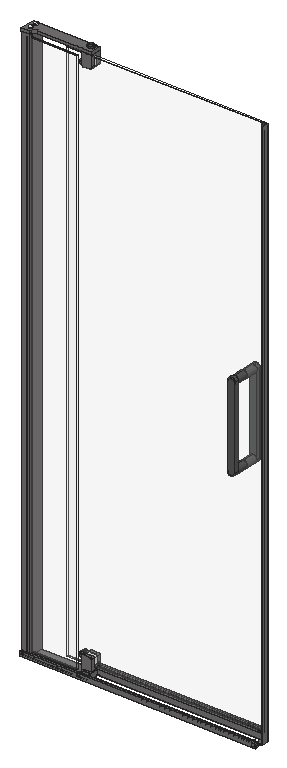
Revit family "Shower-Shower_Door-KOHLER-Revel-K-707506_1", category Specialty Equipment, host Face, Revit 2022
Family settings
  Host = Face
  Round Connector Dimension = Use Diameter
  Part Type = Normal
  OmniClass Number = 23.31.17.17
  OmniClass Title = Shower Enclosures
  Cut with Voids When Loaded = No
  Maintain Annotation Orientation = No
  Shared = No
  Room Calculation Point = No
Parameters (values of type "Clear Glass, ABZ-Anodized Dark Bronze")
  Width [instance] = 7 13/64" + Walk Thru + 1 147/256"  # 31 9/64"
  WaterSense Certified = 1 = 0  # no
  Walk Thru [instance] = 22 93/256"
  URL = "https://www.us.kohler.com/us/"
  Type = 1
  Secondary Finish = Kohler-Glass-L-Crystal_Clear
  Product Page URL = "http://www.us.kohler.com/us/catalog/productDetails.jsp?productId=707506-L"
  Product Name = "Revel"  # constant formula
  Product Documentation Link = "https://www.us.kohler.com/webassets/kpna/catalog/pdf/en/K-707506-L_spec_US-CA_Kohler_en.pdf"
  Model = if(Type = 1, "K-707506-L-ABZ", if(Type = 2, "K-707506-L-BNK", if(Type = 3, "K-707506-L-SHP", if(Type = 4, "K-707506-D3-ABZ", if(Type = 5, "K-707506-D3-BNK", if(Type = 6, "K-707506-D3-SHP", "NA"))))))  # "K-707506-L-ABZ"
  Material = "Premium Metal Construction"  # constant formula
  Master Format 2014 Name = "Shower Doors"  # constant formula
  Master Format 2014 = "10 28 19.16"  # constant formula
  Manufacturer Address = "444 Highland Dr, Kohler, WI 53044"  # constant formula
  Manufacturer = "Kohler Co."  # constant formula
  Length = 4 7/64"  # constant formula
  Height = 74 1/64"  # constant formula
  Handle Finish = Kohler-Metal-BL-Matte_Black
  Finish = Kohler-Metal-ABZ-Anodized_Dark_Bronze
  Environmental Product Declaration = ""
  Description = if(or(Type < 4), "Pivot shower door, 74inch H x 27-5/16 - 31-1/8inch W, with 5/16inch thick Crystal Clear glass", "Pivot shower door, 74inch H x 27-5/16 - 31-1/8inch W, with 5/16inch thick Frosted glass")  # "Pivot shower door, 74inch H x 27-5/16 - 31-1/8inch W, with 5/16inch thick Crystal Clear glass"
  Default Elevation = 4"
  Declare Label = ""
  Date Modified = "06/17/2022"  # constant formula
  Date Created = "06/17/2022"  # constant formula
  Copyright = "Copyright Kohler Co."  # constant formula
  Contact Us = "https://www.us.kohler.com/us/static/contact.jsp"
  Assembly Code = "C1030200"
  ADA Compliant = 1 = 0  # no
Reference planes (in)
  plane 1 "Center (Front/Back)": y = 0
  plane 2: z = 0
  plane 3 "Center (Left/Right)": x = 0
  plane 4: y = 2.10994
  plane 5: y = 0.71149
  plane 6: y = -1.5326
  plane 7: x = -8.29527
  plane 8: y = 0.32149
  plane 9: y = -1.99943
  plane 10: y = -0.55188
  plane 11: x = -14.85938
  plane 12: z = 74.01562
  plane 13: z = 74.38003
  plane 14: z = 73.13245
  plane 15: z = 72.11612
  plane 16: z = 42.95276
  plane 17: z = 42.46063
  plane 18: z = 31.83071
  plane 19: z = 31.33858
  plane 20: z = 2.1635
  plane 21: z = 0.62992
  plane 22: x = -15.49781
  plane 23: x = -6.72047
  plane 24: x = 15.64281
  plane 25: x = 15.26249
  plane 26: x = 15.14427
  plane 27: x = 12.68952
Dimensions and locks (in)
  plane 7 to plane 3 "Center (Left/Right)" = 8.29527"
  "Height": plane 12 to level
  "Length": plane 4 to plane 9
  locked: plane 23 to plane 3 "Center (Left/Right)" at 6.72047
  "Walk Thru": plane 23 to plane 24
  locked: plane 26 to plane 24 at 0.49854
  locked: plane 24 to plane 25 at 0.38032
  locked: plane 27 to plane 24 at 2.95329
  "Width": plane 24 to plane 22
  plane 19 to level = 31.33858"
  locked: plane 16 to plane 19 at 11.61417
  plane 7 to plane 22 = 7.20254"
  locked: plane 13 to plane 12 at 0.36441
  locked: plane 13 to plane 14 at 1.24759
  locked: plane 14 to plane 15 at 1.01632
  locked: plane 18 to plane 19 at 0.49213
  locked: plane 16 to plane 17 at 0.49213
  aligned and locked: plane 2 to host face
  aligned and locked: level to host face
  aligned and locked: plane 3 "Center (Left/Right)" to nested 1
Automatic sketch dimensions
  host sketch curve to host sketch curve = 96"  (x2)
Nested families (in)
  nested 1: "K-707506" at (0, 0, 0), type "K-707506"
Definition of nested family "K-707506"
  Parameters (values of type "K-707506")
    Width = Walk Thru + Distance + 1.5748"  # 31.14173"
    Walk Thru = 22.3622"
    Material = none
    Height = 74.01575"
    Handle Material = none
    Handle Height = 31.33858"
    Glass Material = none
    Distance = 7.20472"
    Default Elevation = 0"
  Reference planes (in)
    plane 1 "Center (Front/Back)": y = 0
    plane 2: z = 0
    plane 3 "Center (Left/Right)": x = 0
    plane 4: x = -15.5
    plane 5: x = -8.29527
    plane 6 "K": x = 12.68844
    plane 7: z = 74.01575
    plane 8: z = 73.66142
    plane 9 "D": z = 72.11625
    plane 10: z = 31.33858
    plane 11: z = 42.95276
    plane 12: y = 2.10994
    plane 13: y = -1.99772
    plane 14: y = 0.71149
    plane 15: y = -1.5326
    plane 16: z = 0.62992
    plane 17: z = 73.13257
    plane 18: x = -14.85938
    plane 19 "A": y = -0.55188
    plane 20 "B": y = 0.32149
    plane 21 "C": z = 2.1635
    plane 22: z = 72.93572
    plane 23: z = 72.68188
    plane 24: z = 42.46063
    plane 25: z = 31.83071
    plane 26: z = 74.38016
    plane 27: x = -6.72047
    plane 28: x = 15.64173
    plane 29: x = 15
    plane 30: x = 15.5
    plane 31: x = 15.14319
  Forms (in)
    Extrusion 1, solid, material <- "Material", detail levels medium+fine
      sketch origin (0, 0, 0) x (0, 1, 0) y (0, 0, 1)
        loop
          line (-0.27623, 0) -> (0.59855, 0)
          arc (0.59855, 0) -> (0.62415, 0.0106) -> (0.63475, 0.0362) r 0.0362
          line (0.63475, 0.0362) -> (0.63475, 0.21702)
          arc (0.63475, 0.21702) -> (0.62509, 0.24034) -> (0.60177, 0.25) r 0.03298
          line (0.60177, 0.25) -> (-1.2883, 0.25)
          arc (-1.2883, 0.25) -> (-1.3314, 0.26785) -> (-1.34925, 0.31095) r 0.06095
          line (-1.34925, 0.31095) -> (-1.34925, 0.48)
          arc (-1.34925, 0.48) -> (-1.40675, 0.5375) -> (-1.46425, 0.48) r 0.0575
          line (-1.46425, 0.48) -> (-1.46425, 0.26417)
          arc (-1.46425, 0.26417) -> (-1.42954, 0.17607) -> (-1.34408, 0.1353) r 0.12919
          line (-1.34408, 0.1353) -> (-0.30312, 0.06251) -> (-0.30312, 0.0269)
          arc (-0.30312, 0.0269) -> (-0.29525, 0.00788) -> (-0.27623, 0) r 0.0269
      from -15.5 to -8.02475
    Extrusion 2, solid, material <- "Material", detail levels medium+fine
      sketch origin (0, 0, 0) x (0, 1, 0) y (0, 0, 1)
        loop
          line (-1.46425, 0.06988) -> (-0.33625, -0.00012) -> (-0.33625, 0.06) -> (-1.46425, 0.13) -> (-1.46425, 0.565) -> (-1.33425, 0.565) -> (-1.33425, 0.368)
          arc (-1.33425, 0.368) -> (-1.30425, 0.338) -> (-1.27425, 0.368) r 0.03
          line (-1.27425, 0.368) -> (-1.27425, 0.60686)
          arc (-1.27425, 0.60686) -> (-1.281, 0.62317) -> (-1.29731, 0.62992) r 0.02306
          line (-1.29731, 0.62992) -> (-1.50695, 0.62992)
          arc (-1.50695, 0.62992) -> (-1.52509, 0.62241) -> (-1.5326, 0.60427) r 0.02565
          line (-1.5326, 0.60427) -> (-1.5326, 0) -> (-1.48411, 0)
          arc (-1.48411, 0) -> (-1.47007, 0.00582) -> (-1.46425, 0.01986) r 0.01986
          line (-1.46425, 0.01986) -> (-1.46425, 0.06988)
      from -15.5 to 15.5
    Extrusion 3, solid, material <- "Material"
      sketch origin (0, 0, 0) x (0, 1, 0) y (0, 0, 1)
        loop
          line (-1.23023, 0.67187) -> (-1.54853, 0.67187)
          arc (-1.54853, 0.67187) -> (-1.56451, 0.66526) -> (-1.57112, 0.64928) r 0.0226
          line (-1.57112, 0.64928) -> (-1.57112, 0.03588)
          arc (-1.57112, 0.03588) -> (-1.55186, 0.01661) -> (-1.5326, 0.03588) r 0.01926
          line (-1.5326, 0.03588) -> (-1.5326, 0.62992) -> (-1.25863, 0.62992) -> (-1.25862, 0.15799)
          arc (-1.25862, 0.15799) -> (-1.25033, 0.13693) -> (-1.22989, 0.12718) r 0.03089
          line (-1.22989, 0.12718) -> (-0.30312, 0.06237) -> (-0.30312, 0.02652)
          arc (-0.30312, 0.02652) -> (-0.29532, 0.00768) -> (-0.27648, -0.00013) r 0.02664
          line (-0.27648, -0.00013) -> (0.27012, -0.00013)
          arc (0.27012, -0.00013) -> (0.29328, 0.00947) -> (0.30288, 0.03263) r 0.03275
          line (0.30288, 0.03263) -> (0.30288, 0.20868)
          arc (0.30288, 0.20868) -> (0.29449, 0.22892) -> (0.27425, 0.23731) r 0.02863
          line (0.27425, 0.23731) -> (-1.17024, 0.23731)
          arc (-1.17024, 0.23731) -> (-1.19827, 0.24892) -> (-1.20987, 0.27694) r 0.03964
          line (-1.20987, 0.27694) -> (-1.20987, 0.65152)
          arc (-1.20987, 0.65152) -> (-1.21584, 0.66591) -> (-1.23023, 0.67187) r 0.02036
      from 15.5 to 15
    Extrusion 4, solid, material <- "Material", detail levels medium+fine
      sketch origin (0, 0, 0) x (1, 0, 0) y (0, 1, 0)
        loop
          line (-15.5, -1.27425) -> (-14.37854, -1.27425) -> (-14.37854, -1.0745) -> (-14.939, -1.0745)
          arc (-14.939, -1.0745) -> (-14.969, -0.95875) -> (-14.939, -0.843) r 0.2383
          line (-14.939, -0.843) -> (-14.37475, -0.843) -> (-14.37475, 0.64608) -> (-15.5, 0.64608) -> (-15.5, 0.5658) -> (-15.4398, 0.5658) -> (-15.4398, 0.2641) -> (-15.5, 0.2641) -> (-15.5, 0.19996) -> (-15.4398, 0.19996) -> (-15.4398, -0.42903) -> (-15.5, -0.42903) -> (-15.5, -0.49326) -> (-15.4398, -0.49326) -> (-15.4398, -1.21125) -> (-15.5, -1.21125) -> (-15.5, -1.27425)
      from 0.25 to 73.66142
    Extrusion 5, solid, material <- "Glass Material"
      sketch origin (0, 0, 0) x (1, 0, 0) y (0, 1, 0)
        loop
          arc (-14.939, -0.843) -> (-14.969, -0.95875) -> (-14.939, -1.0745) r 0.2383
          line (-14.939, -1.0745) -> (-8.32527, -1.0745)
          arc (-8.32527, -1.0745) -> (-8.29527, -0.95875) -> (-8.32527, -0.843) r 0.2383
          line (-8.32527, -0.843) -> (-14.939, -0.843)
      from 0.625 to 73.13257
    Extrusion 6, solid, material <- "Material"
      sketch origin (0, 0, 0) x (1, 0, 0) y (0, 1, 0)
        loop
          line (-15.5, -1.33251) -> (-14.40245, -1.33251)
          arc (-14.40245, -1.33251) -> (-14.33815, -1.30588) -> (-14.31152, -1.24158) r 0.09093
          line (-14.31152, -1.24158) -> (-14.31152, -1.16731)
          arc (-14.31152, -1.16731) -> (-14.16043, -0.80256) -> (-13.79568, -0.65147) r 0.51584
          line (-13.79568, -0.65147) -> (-6.73991, -0.65147) -> (-6.73991, 0.71149) -> (-15.5, 0.71149) -> (-15.5, -1.33251)
      from 73.66142 to 74.01575
    Revolve 7, solid, detail levels medium+fine
      sketch origin (0, -0.55188, 0) x (0, 0, 1) y (-1, 0, 0)
        loop
          line (74.01575, 14.85938) -> (74.19327, 14.85938)
          arc (74.19327, 14.85938) -> (74.1544, 15.00209) -> (74.04852, 15.10537) r 0.2814
          line (74.04852, 15.10537) -> (74.01575, 15.10537) -> (74.01575, 14.85938)
        axis (74.01575, 14.85938) -> (74.19327, 14.85938)
      angle from 0 to 360
    Revolve 8, solid, detail levels medium+fine
      sketch origin (0, 0.32149, 0) x (0, 0, -1) y (-1, 0, 0)
        loop
          line (-74.01575, 14.85938) -> (-74.01575, 15.10537) -> (-74.04852, 15.10537)
          arc (-74.04852, 15.10537) -> (-74.1544, 15.00209) -> (-74.19327, 14.85938) r 0.2814
          line (-74.19327, 14.85938) -> (-74.01575, 14.85938)
        axis (-74.19327, 14.85938) -> (-74.01575, 14.85938)
      angle from 0 to 360
    Extrusion 9, solid, material <- "Material"
      sketch origin (0, 0, 0) x (0, 1, 0) y (0, 0, 1)
        loop
          line (0.63475, 0) -> (0.63475, 0.625) -> (-0.72263, 0.625)
          arc (-0.72263, 0.625) -> (-0.75489, 0.61164) -> (-0.76825, 0.57938) r 0.04562
          line (-0.76825, 0.57938) -> (-0.76825, 0.31091)
          arc (-0.76825, 0.31091) -> (-0.78609, 0.26784) -> (-0.82916, 0.25) r 0.06091
          line (-0.82916, 0.25) -> (-1.10552, 0.25)
          arc (-1.10552, 0.25) -> (-1.13786, 0.26339) -> (-1.15125, 0.29573) r 0.04573
          line (-1.15125, 0.29573) -> (-1.15125, 0.59003)
          arc (-1.15125, 0.59003) -> (-1.16149, 0.61476) -> (-1.18622, 0.625) r 0.03497
          line (-1.18622, 0.625) -> (-1.24534, 0.625)
          arc (-1.24534, 0.625) -> (-1.2672, 0.61595) -> (-1.27625, 0.59409) r 0.03091
          line (-1.27625, 0.59409) -> (-1.27625, 0.312)
          arc (-1.27625, 0.312) -> (-1.31275, 0.2755) -> (-1.34925, 0.312) r 0.0365
          line (-1.34925, 0.312) -> (-1.34925, 0.48)
          arc (-1.34925, 0.48) -> (-1.40675, 0.5375) -> (-1.46425, 0.48) r 0.0575
          line (-1.46425, 0.48) -> (-1.46425, 0.26028)
          arc (-1.46425, 0.26028) -> (-1.43067, 0.17503) -> (-1.34797, 0.13559) r 0.125
          line (-1.34797, 0.13559) -> (-0.30275, 0.0625) -> (-0.30275, 0.03125)
          arc (-0.30275, 0.03125) -> (-0.2936, 0.00915) -> (-0.2715, 0) r 0.03125
          line (-0.2715, 0) -> (0.63475, 0)
      from -6.76525 to -8.02475
    Extrusion 10, solid, material <- "Material"
      sketch origin (0, 0, 0) x (1, 0, 0) y (0, 0, 1)
        loop
          arc (-6.80462, 0.7535) -> (-6.77678, 0.76503) -> (-6.76525, 0.79287) r 0.03937
          line (-6.76525, 0.79287) -> (-6.76525, 2.20243)
          arc (-6.76525, 2.20243) -> (-6.83527, 2.37148) -> (-7.00432, 2.4415) r 0.23907
          line (-7.00432, 2.4415) -> (-7.77509, 2.4415)
          arc (-7.77509, 2.4415) -> (-7.94491, 2.37116) -> (-8.01525, 2.20134) r 0.24016
          line (-8.01525, 2.20134) -> (-8.01525, 0.79202)
          arc (-8.01525, 0.79202) -> (-8.00397, 0.76478) -> (-7.97673, 0.7535) r 0.03852
          line (-7.97673, 0.7535) -> (-6.80462, 0.7535)
      from -0.699 to 0.6555
    Extrusion 11, void
      sketch origin (0, 0, 0) x (0, 1, 0) y (0, 0, 1)
        loop
          line (-0.223, 1.0975) -> (0.277, 1.0975) -> (0.277, 2.6723) -> (-0.223, 2.6723) -> (-0.223, 1.0975)
      from -8.374 to -5.62598
    Extrusion 12, solid
      sketch origin (0, 0, 0) x (1, 0, 0) y (0, 0, 1)
        loop
          line (-6.78494, 1.0975) -> (-6.78494, 2.20243)
          arc (-6.78494, 2.20243) -> (-6.84919, 2.35756) -> (-7.00432, 2.42181) r 0.21938
          line (-7.00432, 2.42181) -> (-7.77509, 2.42181)
          arc (-7.77509, 2.42181) -> (-7.93099, 2.35724) -> (-7.99556, 2.20134) r 0.22047
          line (-7.99556, 2.20134) -> (-7.99556, 1.0975) -> (-6.78494, 1.0975)
      from -0.277 to 0.223
    Revolve 13, solid, material <- "Material"
      sketch origin (0, 0, 2.1635) x (0, -1, 0) y (1, 0, 0)
        loop
          line (0.3524, -8.32761) -> (-0.39049, -8.32761) -> (-0.39049, -8.59986)
          arc (-0.39049, -8.59986) -> (-0.37874, -8.62823) -> (-0.35037, -8.63998) r 0.04012
          line (-0.35037, -8.63998) -> (-0.17426, -8.63998) -> (-0.17426, -8.59632) -> (-0.13508, -8.59632) -> (-0.13508, -8.48472) -> (0.097, -8.48472) -> (0.097, -8.59632) -> (0.13617, -8.59632) -> (0.13617, -8.63998) -> (0.31228, -8.63998)
          arc (0.31228, -8.63998) -> (0.34065, -8.62823) -> (0.3524, -8.59986) r 0.04012
          line (0.3524, -8.59986) -> (0.3524, -8.32761)
        axis (0.3524, -8.32761) -> (-0.39049, -8.32761)
      angle from 0 to 360
    Extrusion 14, solid
      sketch origin (0, 0, 0) x (1, 0, 0) y (0, 0, 1)
        loop
          circle (-7.07775, 1.5975) r 0.18898
        loop
          line (-7.07775, 1.72346) -> (-7.18683, 1.66048) -> (-7.18683, 1.53452) -> (-7.07775, 1.47154) -> (-6.96867, 1.53452) -> (-6.96867, 1.66048) -> (-7.07775, 1.72346)
        loop
          circle (-7.70273, 1.5975) r 0.18898
        loop
          line (-7.70273, 1.72346) -> (-7.81181, 1.66048) -> (-7.81181, 1.53452) -> (-7.70273, 1.47154) -> (-7.59364, 1.53452) -> (-7.59364, 1.66048) -> (-7.70273, 1.72346)
      from -0.64608 to -0.74844
    Revolve 15, solid, material <- "Material"
      sketch origin (0, 0, 72.11625) x (0, -1, 0) y (1, 0, 0)
        loop
          line (0.34548, -8.29527) -> (-0.39741, -8.29527) -> (-0.39741, -8.56752)
          arc (-0.39741, -8.56752) -> (-0.38566, -8.59589) -> (-0.35729, -8.60764) r 0.04012
          line (-0.35729, -8.60764) -> (-0.18118, -8.60764) -> (-0.18118, -8.56398) -> (-0.14201, -8.56398) -> (-0.14201, -8.45238) -> (0.09007, -8.45238) -> (0.09007, -8.56398) -> (0.12925, -8.56398) -> (0.12925, -8.60764) -> (0.30536, -8.60764)
          arc (0.30536, -8.60764) -> (0.33373, -8.59589) -> (0.34548, -8.56752) r 0.04012
          line (0.34548, -8.56752) -> (0.34548, -8.29527)
        axis (0.34548, -8.29527) -> (-0.39741, -8.29527)
      angle from 0 to 360
    Extrusion 16, solid, material <- "Material"
      sketch origin (0, 0, 0) x (0, 1, 0) y (0, 0, 1)
        loop
          arc (-0.097, 1.35312) -> (-0.11537, 1.37299) -> (-0.13662, 1.35624) r 0.01993
          line (-0.13662, 1.35624) -> (-0.1776, 1.0975) -> (0.20316, 1.0975) -> (0.20316, 1.33432)
          arc (0.20316, 1.33432) -> (0.2165, 1.35338) -> (0.23898, 1.34737) r 0.02029
          arc (0.23898, 1.34737) -> (0.2829, 1.29668) -> (0.32829, 1.24731) r 2.26458
          arc (0.32829, 1.24731) -> (0.34709, 1.18966) -> (0.31434, 1.13863) r 0.07073
          arc (0.31434, 1.13863) -> (0.33971, 1.11534) -> (0.37309, 1.12379) r 0.03623
          arc (0.37309, 1.12379) -> (0.42824, 1.15633) -> (0.49187, 1.16351) r 0.15339
          arc (0.49187, 1.16351) -> (0.52099, 1.19696) -> (0.4952, 1.23303) r 0.03577
          arc (0.4952, 1.23303) -> (0.28695, 1.37387) -> (0.20068, 1.61001) r 0.4083
          arc (0.20068, 1.61001) -> (0.17922, 1.64919) -> (0.135, 1.65554) r 0.04994
          line (0.135, 1.65554) -> (0.135, 1.1775)
          arc (0.135, 1.1775) -> (0.019, 1.1475) -> (-0.097, 1.1775) r 0.23927
          line (-0.097, 1.1775) -> (-0.097, 1.35312)
        loop
          line (0.25206, 1.15842) -> (0.26168, 0.02414)
          arc (0.26168, 0.02414) -> (0.28259, 0.00002) -> (0.30569, 0.02205) r 0.02205
          line (0.30569, 0.02205) -> (0.30569, 1.15843)
          arc (0.30569, 1.15843) -> (0.27885, 1.25716) -> (0.25206, 1.15842) r 0.05301
      from -6.76525 to 15.14319
    Extrusion 17, solid, material <- "Material"
      sketch origin (0, 0.32149, 0) x (0, 0, -1) y (-1, 0, 0)
        loop
          arc (-73.49422, 8.033) -> (-73.5177, 8.02327) -> (-73.52743, 7.99979) r 0.03321
          line (-73.52743, 7.99979) -> (-73.52743, 6.8125)
          arc (-73.52743, 6.8125) -> (-73.5177, 6.78902) -> (-73.49422, 6.77929) r 0.03321
          line (-73.49422, 6.77929) -> (-72.08933, 6.77929)
          arc (-72.08933, 6.77929) -> (-71.91084, 6.85322) -> (-71.83691, 7.03171) r 0.25241
          line (-71.83691, 7.03171) -> (-71.83691, 7.78058)
          arc (-71.83691, 7.78058) -> (-71.91084, 7.95907) -> (-72.08933, 8.033) r 0.25241
          line (-72.08933, 8.033) -> (-73.49422, 8.033)
      from -0.97296 to 0.37751
    Extrusion 18, void
      sketch origin (0, 0, 0) x (0, 1, 0) y (0, 0, 1)
        loop
          line (-0.22762, 71.71778) -> (0.23512, 71.71778) -> (0.23512, 73.22772) -> (-0.22762, 73.22772) -> (-0.22762, 71.71778)
      from -8.32527 to -6.37881
    Extrusion 19, solid
      sketch origin (0, 0, 0) x (1, 0, 0) y (0, 0, 1)
        loop
          line (-7.78058, 71.8566) -> (-7.03171, 71.8566)
          arc (-7.03171, 71.8566) -> (-6.86714, 71.92476) -> (-6.79898, 72.08933) r 0.23273
          line (-6.79898, 72.08933) -> (-6.79898, 73.22772) -> (-8.01331, 73.22772) -> (-8.01331, 72.08933)
          arc (-8.01331, 72.08933) -> (-7.94515, 71.92476) -> (-7.78058, 71.8566) r 0.23273
      from -0.23512 to 0.22762
    Extrusion 20, solid, material <- "Glass Material"
      sketch origin (0, 0, 0) x (1, 0, 0) y (0, 1, 0)
        loop
          arc (15.44233, -0.1605) -> (15.49717, -0.00425) -> (15.44233, 0.152) r 0.25
          line (15.44233, 0.152) -> (-10.36891, 0.152)
          arc (-10.36891, 0.152) -> (-10.42375, -0.00425) -> (-10.36891, -0.1605) r 0.25
          line (-10.36891, -0.1605) -> (15.44233, -0.1605)
      from 1.0975 to 73.13257
    Extrusion 21, solid
      sketch origin (0, 0, 0) x (1, 0, 0) y (0, 0, 1)
        loop
          circle (-7.09313, 72.6861) r 0.18898
        loop
          line (-7.09313, 72.81206) -> (-7.20221, 72.74908) -> (-7.20221, 72.62312) -> (-7.09313, 72.56014) -> (-6.98404, 72.62312) -> (-6.98404, 72.74908) -> (-7.09313, 72.81206)
        loop
          circle (-7.71992, 72.6861) r 0.18898
        loop
          line (-7.71992, 72.81206) -> (-7.829, 72.74908) -> (-7.829, 72.62312) -> (-7.71992, 72.56014) -> (-7.61083, 72.62312) -> (-7.61083, 72.74908) -> (-7.71992, 72.81206)
      from -0.277 to -0.74844
    Revolve 22, solid, material <- "Handle Material"
      sketch origin (12.68844, 0, 0) x (0, 0, 1) y (0, -1, 0)
        loop
          line (42.46063, -1.59591) -> (42.95276, -1.59591) -> (42.95276, -0.135) -> (42.70487, -0.135) -> (42.70487, 0.097) -> (42.95276, 0.097) -> (42.95276, 1.47495) -> (42.46063, 1.47495) -> (42.46063, -1.59591)
        axis (42.46063, 1.47495) -> (42.46063, -1.59591)
      angle from 0 to 360
    Revolve 23, solid, material <- "Handle Material"
      sketch origin (12.68844, 0, 0) x (0, 0, 1) y (0, -1, 0)
        loop
          line (31.83071, -1.59591) -> (31.83071, 1.47495) -> (31.33858, 1.47495) -> (31.33858, 0.097) -> (31.58646, 0.097) -> (31.58646, -0.135) -> (31.33858, -0.135) -> (31.33858, -1.59591) -> (31.83071, -1.59591)
        axis (31.83071, -1.59591) -> (31.83071, 1.47495)
      angle from 0 to 360
    Sweep 24, solid, material <- "Handle Material", detail levels medium+fine
      path origin (0, 0, 0) x (1, 0, 0) y (0, 0, 1)
        loop
          arc (13.18057, 42.46063) -> (12.68844, 42.95276) -> (12.19632, 42.46063) r 0.49213
          line (12.19632, 42.46063) -> (12.19632, 31.83071)
          arc (12.19632, 31.83071) -> (12.68844, 31.33858) -> (13.18057, 31.83071) r 0.49213
          line (13.18057, 31.83071) -> (13.18057, 42.46063)
      profile origin (12.68844, 0, 42.95276) x (0, 0, -1) y (0, -1, 0)
        loop
          line (0, 1.47495) -> (0.07036, 1.47495) -> (0.07036, 1.99772) -> (0.03819, 1.99772)
          arc (0.03819, 1.99772) -> (0.01119, 1.98653) -> (0, 1.95953) r 0.03819
          line (0, 1.95953) -> (0, 1.47495)
    Extrusion 25, solid, material <- "Handle Material", detail levels medium+fine
      sketch origin (0, 0, 0) x (1, 0, 0) y (0, 0, 1)
        loop
          arc (12.26667, 31.83071) -> (12.68844, 31.40894) -> (13.11021, 31.83071) r 0.42177
          line (13.11021, 31.83071) -> (13.11021, 42.46063)
          arc (13.11021, 42.46063) -> (12.68844, 42.8824) -> (12.26667, 42.46063) r 0.42177
          line (12.26667, 42.46063) -> (12.26667, 31.83071)
      from 1.47495 to 1.99772
    Sweep 26, solid, material <- "Handle Material", detail levels medium+fine
      path origin (0, 0, 0) x (1, 0, 0) y (0, 0, 1)
        loop
          line (13.18057, 31.83071) -> (13.18057, 42.46063)
          arc (13.18057, 42.46063) -> (12.68844, 42.95276) -> (12.19632, 42.46063) r 0.49213
          line (12.19632, 42.46063) -> (12.19632, 31.83071)
          arc (12.19632, 31.83071) -> (12.68844, 31.33858) -> (13.18057, 31.83071) r 0.49213
      profile origin (12.68844, 0, 31.33858) x (0, 0, -1) y (0, -1, 0)
        loop
          line (-0.08322, -1.59591) -> (-0.08322, -2.10994) -> (-0.03596, -2.10994)
          arc (-0.03596, -2.10994) -> (-0.01053, -2.09941) -> (0, -2.07398) r 0.03596
          line (0, -2.07398) -> (0, -1.59591) -> (-0.08322, -1.59591)
    Extrusion 27, solid, material <- "Handle Material", detail levels medium+fine
      sketch origin (0, 0, 0) x (1, 0, 0) y (0, 0, 1)
        loop
          line (12.27954, 42.46063) -> (12.27954, 31.83071)
          arc (12.27954, 31.83071) -> (12.68844, 31.4218) -> (13.09735, 31.83071) r 0.4089
          line (13.09735, 31.83071) -> (13.09735, 42.46063)
          arc (13.09735, 42.46063) -> (12.68844, 42.86953) -> (12.27954, 42.46063) r 0.4089
      from -2.10994 to -1.59591
    Extrusion 28, solid, material <- "Material"
      sketch origin (0, 0, 0) x (1, 0, 0) y (0, 1, 0)
        loop
          circle (-7.40614, 0) r 0.23622
      from 0.565 to 0.7535
    Extrusion 29, void
      sketch origin (0, 0, 0) x (1, 0, 0) y (0, 1, 0)
        loop
          arc (-6.80404, -0.07487) -> (-6.97385, 0.46372) -> (-7.51243, 0.63353) r 0.6115
          arc (-7.51243, 0.63353) -> (-7.63532, 0.45802) -> (-7.45982, 0.33513) r 0.1515
          arc (-7.45982, 0.33513) -> (-7.18811, 0.24946) -> (-7.10243, -0.02225) r 0.3085
          arc (-7.10243, -0.02225) -> (-6.97954, -0.19776) -> (-6.80404, -0.07487) r 0.1515
      from 74.01575 to 73.66142
    Extrusion 30, solid
      sketch origin (0, 0, 0) x (1, 0, 0) y (0, 1, 0)
        loop
          circle (-7.40625, 0.49132) r 0.07731
        loop
          circle (-7.40625, 0.49132) r 0.097
      from 74.01575 to 73.66142
    Extrusion 31, solid, material <- "Handle Material", detail levels coarse
      sketch origin (0, 0, 0) x (1, 0, 0) y (0, 0, 1)
        loop
          line (12.19632, 42.95276) -> (12.19632, 31.33858) -> (13.18057, 31.33858) -> (13.18057, 42.95276) -> (12.19632, 42.95276)
      from 1.47495 to 1.99772
    Extrusion 32, solid, material <- "Handle Material", detail levels coarse
      sketch origin (0, 0, 0) x (1, 0, 0) y (0, 0, 1)
        loop
          line (12.19632, 42.95276) -> (12.19632, 31.33858) -> (13.18057, 31.33858) -> (13.18057, 42.95276) -> (12.19632, 42.95276)
      from -2.10994 to -1.59591
    Extrusion 33, solid, material <- "Material", detail levels coarse
      sketch origin (0, 0, 0) x (1, 0, 0) y (0, 1, 0)
        loop
          line (-14.37475, -0.843) -> (-14.37475, 0.64608) -> (-15.5, 0.64608) -> (-15.5, -1.27425) -> (-14.37854, -1.27425) -> (-14.37854, -1.0745) -> (-14.939, -1.0745)
          arc (-14.939, -1.0745) -> (-14.969, -0.95875) -> (-14.939, -0.843) r 0.2383
          line (-14.939, -0.843) -> (-14.37475, -0.843)
      from 0 to 73.66142
    Extrusion 34, solid, material <- "Material", detail levels coarse
      sketch origin (12.68844, 0, 0) x (0, 0, 1) y (0, -1, 0)
        loop
          line (0.25, -0.63475) -> (0.25, 1.27425) -> (0.62992, 1.27425) -> (0.62992, 1.5326) -> (0, 1.5326) -> (0, -0.63475) -> (0.25, -0.63475)
      from -28.18844 to 2.95329
    Extrusion 35, solid, material <- "Material"
      sketch origin (0, 0, 0) x (1, 0, 0) y (0, 1, 0)
        loop
          arc (15.64173, 0.28917) -> (15.6328, 0.31074) -> (15.61124, 0.31967) r 0.0305
          line (15.61124, 0.31967) -> (15.10954, 0.31967)
          arc (15.10954, 0.31967) -> (15.09204, 0.30217) -> (15.10954, 0.28466) r 0.0175
          line (15.10954, 0.28466) -> (15.15641, 0.28466)
          arc (15.15641, 0.28466) -> (15.12616, 0.27075) -> (15.09855, 0.25214) r 0.20599
          arc (15.09855, 0.25214) -> (15.06511, 0.2073) -> (15.05794, 0.15183) r 0.11038
          line (15.05794, 0.15183) -> (15.30828, 0.15183)
          arc (15.30828, 0.15183) -> (15.28402, 0.23382) -> (15.21527, 0.28466) r 0.13461
          line (15.21527, 0.28466) -> (15.57595, 0.28466)
          arc (15.57595, 0.28466) -> (15.59842, 0.27536) -> (15.60772, 0.2529) r 0.03177
          line (15.60772, 0.2529) -> (15.60772, -0.48012) -> (15.53753, -0.48012) -> (15.32813, -0.1617)
          arc (15.32813, -0.1617) -> (15.30505, -0.16372) -> (15.29405, -0.18411) r 0.02441
          line (15.29405, -0.18411) -> (15.51307, -0.51714) -> (15.64173, -0.51714) -> (15.64173, 0.28917)
      from 0 to 72.93572
    Revolve 36, solid
      sketch origin (0, 0, 0) x (1, 0, 0) y (0, 0, 1)
        loop
          line (-7.40614, 73.52743) -> (-7.40614, 74.33455) -> (-7.62158, 74.33455) -> (-7.62158, 74.38016) -> (-7.68448, 74.38016)
          arc (-7.68448, 74.38016) -> (-7.7027, 74.37335) -> (-7.71198, 74.35625) r 0.02777
          line (-7.71198, 74.35625) -> (-7.73118, 74.21965) -> (-7.76575, 74.21965) -> (-7.76575, 74.15665) -> (-7.64133, 74.15665) -> (-7.64133, 73.59021) -> (-8.02821, 73.59021) -> (-8.02821, 73.52743) -> (-7.40614, 73.52743)
        axis (-7.40614, 73.52743) -> (-7.40614, 74.38016)
      angle from 0 to 360
  Cuts and joins
    Extrusion 11 cuts Extrusion 10
    Extrusion 18 cuts Extrusion 17
    joined: Sweep 26, Extrusion 27
    joined: Sweep 24, Extrusion 25
    Extrusion 29 cuts Extrusion 6
  Lines and regions (in)
    Masking region 1
      outline origin (0, 0, 0) x (1, 0, 0) y (0, 0, 1)
        loop
          line (-15.5, 0) -> (15.64173, 0) -> (15.64173, 72.93572) -> (15.5, 72.93572) -> (15.5, 73.13257) -> (-6.77929, 73.13257) -> (-6.77929, 73.49422)
          arc (-6.77929, 73.49422) -> (-6.78049, 73.511) -> (-6.78408, 73.52743) r 0.11765
          line (-6.78408, 73.52743) -> (-6.78408, 73.59021) -> (-7.17096, 73.59021) -> (-7.17096, 73.66142) -> (-6.72047, 73.66142) -> (-6.72047, 74.01575) -> (-7.17096, 74.01575) -> (-7.17096, 74.15665) -> (-7.04654, 74.15665) -> (-7.04654, 74.21965) -> (-7.08111, 74.21965) -> (-7.10073, 74.35923)
          arc (-7.10073, 74.35923) -> (-7.10885, 74.3742) -> (-7.1248, 74.38016) r 0.02431
          line (-7.1248, 74.38016) -> (-7.68749, 74.38016)
          arc (-7.68749, 74.38016) -> (-7.70344, 74.3742) -> (-7.71156, 74.35923) r 0.02431
          line (-7.71156, 74.35923) -> (-7.73118, 74.21965) -> (-7.76575, 74.21965) -> (-7.76575, 74.15665) -> (-7.64133, 74.15665) -> (-7.64133, 74.01575) -> (-14.61338, 74.01575) -> (-14.61337, 74.04852)
          arc (-14.61337, 74.04852) -> (-14.71669, 74.1543) -> (-14.85938, 74.19313) r 0.28153
          arc (-14.85938, 74.19313) -> (-15.00206, 74.1543) -> (-15.10537, 74.04852) r 0.28153
          line (-15.10537, 74.04852) -> (-15.10537, 74.01575) -> (-15.5, 74.01575) -> (-15.5, 0)
        loop
          line (-14.37854, 73.66142) -> (-14.37854, 73.13257) -> (-8.033, 73.13257) -> (-8.033, 73.49422)
          arc (-8.033, 73.49422) -> (-8.0318, 73.511) -> (-8.02821, 73.52743) r 0.11765
          line (-8.02821, 73.52743) -> (-8.02821, 73.59021) -> (-7.64133, 73.59021) -> (-7.64133, 73.66142) -> (-14.37854, 73.66142)
        loop
          line (-8.29527, 1.0975) -> (-8.29527, 0.62992) -> (-7.64237, 0.62992) -> (-7.64237, 0.7535) -> (-7.97673, 0.7535)
          arc (-7.97673, 0.7535) -> (-8.00397, 0.76478) -> (-8.01525, 0.79202) r 0.03852
          line (-8.01525, 0.79202) -> (-8.01525, 1.0975) -> (-8.29527, 1.0975)
        loop
          line (-7.16992, 0.7535) -> (-7.16992, 0.62992) -> (-6.76525, 0.62992) -> (-6.76525, 0.79287)
          arc (-6.76525, 0.79287) -> (-6.77678, 0.76503) -> (-6.80462, 0.7535) r 0.03937
          line (-6.80462, 0.7535) -> (-7.16992, 0.7535)
    Masking region 2
      outline origin (12.68844, 0, 0) x (0, 0, 1) y (0, -1, 0)
        loop
          line (0, -0.63475) -> (0.21702, -0.63475)
          arc (0.21702, -0.63475) -> (0.24034, -0.62509) -> (0.25, -0.60177) r 0.03298
          line (0.25, -0.60177) -> (0.25, -0.64608) -> (0.7535, -0.64608) -> (0.7535, -0.699) -> (1.40852, -0.699) -> (1.40852, -0.74844) -> (1.78648, -0.74844) -> (1.78648, -0.699) -> (2.4415, -0.699) -> (2.4415, -0.64608) -> (31.33858, -0.64608) -> (31.33858, -2.07057)
          arc (31.33858, -2.07057) -> (31.35011, -2.09841) -> (31.37795, -2.10994) r 0.03937
          line (31.37795, -2.10994) -> (42.91503, -2.10994)
          arc (42.91503, -2.10994) -> (42.94171, -2.09889) -> (42.95276, -2.07222) r 0.03773
          line (42.95276, -2.07222) -> (42.95276, -0.64608) -> (71.83691, -0.64608) -> (71.83691, -0.699) -> (72.49712, -0.699) -> (72.49712, -0.74844) -> (72.87507, -0.74844) -> (72.87507, -0.699) -> (73.52743, -0.699) -> (73.52743, -0.64608) -> (73.66142, -0.64608) -> (73.66142, -0.71149) -> (74.01575, -0.71149) -> (74.01575, -0.56685) -> (74.0484, -0.56685)
          arc (74.0484, -0.56685) -> (74.13848, -0.48776) -> (74.1873, -0.37828) r 0.28036
          line (74.1873, -0.37828) -> (74.21965, -0.3596) -> (74.21965, -0.32484) -> (74.35179, -0.30626)
          arc (74.35179, -0.30626) -> (74.37207, -0.29525) -> (74.38016, -0.27363) r 0.03296
          line (74.38016, -0.27363) -> (74.38016, 0.27363)
          arc (74.38016, 0.27363) -> (74.37207, 0.29525) -> (74.35179, 0.30626) r 0.03296
          line (74.35179, 0.30626) -> (74.21965, 0.32484) -> (74.21965, 0.3596) -> (74.15665, 0.3596) -> (74.15665, 0.23689) -> (74.01575, 0.23689) -> (74.01575, 0.30652) -> (74.0484, 0.30652)
          arc (74.0484, 0.30652) -> (74.15424, 0.40945) -> (74.19311, 0.55188) r 0.28036
          arc (74.19311, 0.55188) -> (74.15424, 0.69431) -> (74.0484, 0.79724) r 0.28036
          line (74.0484, 0.79724) -> (74.01575, 0.79724) -> (74.01575, 1.33251) -> (73.66142, 1.33251) -> (73.66142, 1.27425) -> (42.95276, 1.27425) -> (42.95276, 1.95835)
          arc (42.95276, 1.95835) -> (42.94122, 1.98619) -> (42.91339, 1.99772) r 0.03937
          line (42.91339, 1.99772) -> (31.38047, 1.99772)
          arc (31.38047, 1.99772) -> (31.35085, 1.98545) -> (31.33858, 1.95583) r 0.04189
          line (31.33858, 1.95583) -> (31.33858, 1.27425) -> (0.67187, 1.27425) -> (0.67187, 1.54853)
          arc (0.67187, 1.54853) -> (0.66526, 1.56451) -> (0.64928, 1.57112) r 0.0226
          line (0.64928, 1.57112) -> (0.03587, 1.57112)
          arc (0.03587, 1.57112) -> (0.01661, 1.55186) -> (0.03587, 1.5326) r 0.01926
          line (0.03587, 1.5326) -> (0, 1.5326) -> (0, 1.48411)
          arc (0, 1.48411) -> (0.00582, 1.47007) -> (0.01986, 1.46425) r 0.01986
          line (0.01986, 1.46425) -> (0.06988, 1.46425) -> (-0.00012, 0.33625) -> (0.06, 0.33625) -> (0.13, 1.46425) -> (0.26417, 1.46425)
          arc (0.26417, 1.46425) -> (0.17607, 1.42954) -> (0.1353, 1.34408) r 0.12919
          line (0.1353, 1.34408) -> (0.06251, 0.30313) -> (0.0269, 0.30313)
          arc (0.0269, 0.30313) -> (0.00788, 0.29525) -> (0, 0.27623) r 0.0269
          line (0, 0.27623) -> (0, -0.63475)
        loop
          arc (0.48, 1.46425) -> (0.5375, 1.40675) -> (0.48, 1.34925) r 0.0575
          line (0.48, 1.34925) -> (0.312, 1.34925)
          arc (0.312, 1.34925) -> (0.2755, 1.31275) -> (0.312, 1.27625) r 0.0365
          line (0.312, 1.27625) -> (0.35723, 1.27625)
          arc (0.35723, 1.27625) -> (0.3385, 1.30973) -> (0.368, 1.33425) r 0.03
          line (0.368, 1.33425) -> (0.565, 1.33425) -> (0.565, 1.46425) -> (0.48, 1.46425)
        loop
          line (32.32079, 1.47495) -> (32.32079, 1.27425) -> (41.9685, 1.27425) -> (41.9685, 1.47495) -> (32.32079, 1.47495)
        loop
          line (41.9685, -1.59591) -> (41.9685, -0.64608) -> (32.32283, -0.64608) -> (32.32283, -1.59591) -> (41.9685, -1.59591)
    Masking region 3
      outline origin (0, 0, 0) x (1, 0, 0) y (0, 1, 0)
        loop
          line (-15.5, -1.5326) -> (12.19632, -1.5326) -> (12.19632, -1.94529)
          arc (12.19632, -1.94529) -> (12.21167, -1.98236) -> (12.24874, -1.99772) r 0.05243
          line (12.24874, -1.99772) -> (12.68844, -1.99772) -> (13.12814, -1.99772)
          arc (13.12814, -1.99772) -> (13.16521, -1.98236) -> (13.18057, -1.94529) r 0.05243
          line (13.18057, -1.94529) -> (13.18057, -1.5326) -> (15, -1.5326) -> (15, -1.57112) -> (15.64173, -1.57112) -> (15.64173, -0.51714) -> (15.64173, 0.28917)
          arc (15.64173, 0.28917) -> (15.6328, 0.31074) -> (15.61124, 0.31967) r 0.0305
          line (15.61124, 0.31967) -> (15.14319, 0.31967) -> (15.14319, 0.52103) -> (13.18057, 0.52103) -> (13.18057, 2.07301)
          arc (13.18057, 2.07301) -> (13.16975, 2.09912) -> (13.14364, 2.10994) r 0.03693
          line (13.14364, 2.10994) -> (12.23325, 2.10994)
          arc (12.23325, 2.10994) -> (12.20713, 2.09912) -> (12.19632, 2.07301) r 0.03693
          line (12.19632, 2.07301) -> (12.19632, 0.52103) -> (-6.72047, 0.52103) -> (-6.72047, 0.71149) -> (-6.88877, 0.71149) -> (-6.88877, 0.74844) -> (-7.2807, 0.74844) -> (-7.2807, 0.71149) -> (-7.51519, 0.71149) -> (-7.51519, 0.74844) -> (-7.90889, 0.74844) -> (-7.90889, 0.71149) -> (-15.5, 0.71149) -> (-15.5, -1.5326)
        loop
          line (12.19632, -0.33625) -> (12.19632, -0.1776) -> (-6.72047, -0.1776) -> (-6.72047, -0.33625) -> (12.19632, -0.33625)
        loop
          line (13.18057, -0.33625) -> (15, -0.33625) -> (15, -0.1776) -> (13.18057, -0.1776) -> (13.18057, -0.33625)
    symbolic lines, detail levels medium+fine
      curve 1: line (-15.10538, 0, 74.01575) -> (-14.61338, 0, 74.01575)
      curve 2: line (-15.10538, 0, 74.04852) -> (-14.61338, 0, 74.04852)
      curve 3: line (-15.5, 0, 73.66142) -> (-14.37475, 0, 73.66142)
      curve 4: line (-14.37854, 0, 73.13257) -> (-14.37854, 0, 0.62992)
      curve 5: line (-8.29527, 0, 0.62992) -> (-15.5, 0, 0.62992)
      curve 6: line (-8.29527, 0, 73.13257) -> (-8.29527, 0, 1.0975)
      curve 7: line (-8.01525, 0, 1.0975) -> (-8.01525, 0, 2.20134)
      curve 8: arc (-7.77509, 0, 2.4415) -> (-7.94491, 0, 2.37116) -> (-8.01525, 0, 2.20134) r 0.24016
      curve 9: line (-7.00432, 0, 2.4415) -> (-7.77509, 0, 2.4415)
      curve 10: arc (-6.76525, 0, 2.20243) -> (-6.83527, 0, 2.37148) -> (-7.00432, 0, 2.4415) r 0.23907
      curve 11: line (-6.76525, 0, 2.20243) -> (-6.76525, 0, 0.79287)
      curve 12: line (-7.64237, 0, 0.7535) -> (-7.16511, 0, 0.7535)
      curve 13: line (-7.64237, 0, 0.62992) -> (-7.16992, 0, 0.62992)
      curve 14: arc (-8.29527, 0, 1.85282) -> (-8.01525, 0, 2.1635) -> (-8.29527, 0, 2.47418) r 0.31236
      curve 15: line (-6.76525, 0, 0.62992) -> (15, 0, 0.62992)
      curve 16: line (15, 0, -0.00013) -> (15, 0, 0.62992)
      curve 17: line (15, 0, 0.67187) -> (15.58689, 0, 0.67187)
      curve 18: line (15, 0, 0.67187) -> (15, 0, 0.49938)
      curve 19: line (-6.76525, 0, 1.0975) -> (15.29405, 0, 1.0975)
      curve 20: line (-7.64133, 0, 73.66142) -> (-7.17096, 0, 73.66142)
      curve 21: line (-7.64133, 0, 73.59021) -> (-7.17096, 0, 73.59021)
      curve 22: line (-8.02821, 0, 73.52743) -> (-6.78408, 0, 73.52743)
      curve 23: line (-7.64133, 0, 74.01575) -> (-7.17096, 0, 74.01575)
      curve 24: line (-7.64133, 0, 74.15665) -> (-7.17096, 0, 74.15665)
      curve 25: line (-7.73118, 0, 74.21965) -> (-7.08111, 0, 74.21965)
      curve 26: line (12.19632, 0, 42.46063) -> (12.19632, 0, 31.83071)
      curve 27: line (13.18057, 0, 31.83071) -> (13.18057, 0, 42.46063)
      curve 28: arc (13.18057, 0, 42.46063) -> (12.68844, 0, 42.95276) -> (12.19632, 0, 42.46063) r 0.49213
      curve 29: arc (13.18057, 0, 31.83071) -> (12.68844, 0, 31.33858) -> (12.19632, 0, 31.83071) r 0.49213
      curve 30: line (-7.78058, 0, 71.83691) -> (-7.03171, 0, 71.83691)
      curve 31: arc (-7.78058, 0, 71.83691) -> (-7.95907, 0, 71.91084) -> (-8.033, 0, 72.08933) r 0.25241
      curve 32: arc (-6.77929, 0, 72.08933) -> (-6.85322, 0, 71.91084) -> (-7.03171, 0, 71.83691) r 0.25241
      curve 33: line (-8.033, 0, 72.08933) -> (-8.033, 0, 73.13257)
      curve 34: line (-6.77929, 0, 72.08933) -> (-6.77929, 0, 73.13257)
      curve 35: arc (-8.033, 0, 72.2859) -> (-8.14598, 0, 72.39062) -> (-8.29527, 0, 72.42861) r 0.31236
      curve 36: arc (-8.29527, 0, 71.80388) -> (-8.12638, 0, 71.85348) -> (-8.01112, 0, 71.98653) r 0.31236
      curve 37: line (12.68844, 0.60177, 0.25) -> (12.68844, -1.27425, 0.25)
      curve 38: line (12.68844, -1.27425, 0.25) -> (12.68844, -1.27425, 0.67187)
      curve 39: arc (12.68844, -1.27425, 0.60686) -> (12.68844, -1.281, 0.62317) -> (12.68844, -1.29731, 0.62992) r 0.02306
      curve 40: line (12.68844, -1.27425, 0.62992) -> (12.68844, -1.5326, 0.62992)
      curve 41: arc (12.68844, -1.50695, 0.62992) -> (12.68844, -1.52509, 0.62241) -> (12.68844, -1.5326, 0.60427) r 0.02565
      curve 42: line (12.68844, -1.5326, 0.62992) -> (12.68844, -1.5326, 0)
      curve 43: line (12.68844, -1.46425, 0.26028) -> (12.68844, -1.46425, 0.48)
      curve 44: line (12.68844, -1.46425, 0.13) -> (12.68844, -1.46425, 0.06988)
      curve 45: line (12.68844, 0.64608, 0.7535) -> (12.68844, 0.64608, 2.4415)
      curve 46: line (12.68844, 0.699, 1.40852) -> (12.68844, 0.699, 1.78648)
      curve 47: line (12.68844, 0.5658, 73.66142) -> (12.68844, 0.5658, 0.25)
      curve 48: line (12.68844, 0.2641, 0.25) -> (12.68844, 0.2641, 73.66142)
      curve 49: line (12.68844, 0.19996, 73.66142) -> (12.68844, 0.19996, 0.25)
      curve 50: line (12.68844, -0.42903, 0.25) -> (12.68844, -0.42903, 73.66142)
      curve 51: line (12.68844, -0.49326, 73.66142) -> (12.68844, -0.49326, 0.25)
      curve 52: line (12.68844, -1.21125, 0.25) -> (12.68844, -1.21125, 73.66142)
      curve 53: line (12.68844, 0.64608, 31.33858) -> (12.68844, 0.64608, 32.32283)
      curve 54: line (12.68844, -1.27425, 31.33858) -> (12.68844, -1.27425, 32.32079)
      curve 55: line (12.68844, 1.59591, 32.32283) -> (12.68844, 1.59591, 31.33858)
      curve 56: line (12.68844, -1.47495, 32.32079) -> (12.68844, -1.47495, 31.33858)
      curve 57: line (12.68844, 0.64608, 41.9685) -> (12.68844, 0.64608, 42.95276)
      curve 58: line (12.68844, 1.59591, 41.9685) -> (12.68844, 1.59591, 42.95276)
      curve 59: line (12.68844, -1.27425, 41.9685) -> (12.68844, -1.27425, 42.95276)
      curve 60: line (12.68844, -1.47495, 41.9685) -> (12.68844, -1.47495, 42.95276)
      curve 61: line (12.68844, 0.64608, 71.83691) -> (12.68844, 0.64608, 73.52743)
      curve 62: line (12.68844, 0.699, 72.49712) -> (12.68844, 0.699, 72.87507)
      curve 63: line (12.68844, 0.64608, 73.66142) -> (12.68844, -1.27425, 73.66142)
      curve 64: line (12.68844, 0.56685, 74.01575) -> (12.68844, -0.23689, 74.01575)
      curve 65: line (12.68844, -0.30652, 74.01575) -> (12.68844, -0.79724, 74.01575)
      curve 66: line (12.68844, -0.30652, 74.0484) -> (12.68844, -0.79724, 74.0484)
      curve 67: line (12.68844, 0.07518, 74.01575) -> (12.68844, 0.07518, 74.0484)
      curve 68: line (12.68844, 0.07518, 74.0484) -> (12.68844, 0.56685, 74.0484)
      curve 69: arc (12.68844, 0.37828, 74.1873) -> (12.68844, 0.20368, 74.16815) -> (12.68844, 0.07518, 74.0484) r 0.2788
      curve 70: line (12.68844, -0.32484, 74.21965) -> (12.68844, 0.32504, 74.21965)
      curve 71: line (12.68844, -0.23519, 74.15665) -> (12.68844, 0.18131, 74.15665)
      curve 72: circle (-14.85938, 0.32149, 0) r 0.246 normal (0, 0, 1)
      curve 73: circle (-14.85938, -0.55188, 0) r 0.246 normal (0, 0, -1)
      curve 74: line (-7.90889, 0.71149, 0) -> (-7.51519, 0.71149, 0)
      curve 75: line (-7.2807, 0.71149, 0) -> (-6.88877, 0.71149, 0)
      curve 76: line (-6.72047, -0.22567, 0) -> (-6.72047, 0.52103, 0)
      curve 77: line (-6.72047, -0.33625, 0) -> (-6.72047, -0.65147, 0)
      curve 78: line (-6.72047, -0.65147, 0) -> (-13.79568, -0.65147, 0)
      curve 79: arc (-14.31152, -1.16731, 0) -> (-14.16043, -0.80256, 0) -> (-13.79568, -0.65147, 0) r 0.51584
      curve 80: line (-15.5, -1.33251, 0) -> (-14.40245, -1.33251, 0)
      curve 81: arc (-14.40245, -1.33251, 0) -> (-14.33815, -1.30588, 0) -> (-14.31152, -1.24158, 0) r 0.09093
      curve 82: line (-14.31152, -1.24158, 0) -> (-14.31152, -1.16731, 0)
      curve 83: line (-8.32527, -0.843, 0) -> (-14.19682, -0.843, 0)
      curve 84: line (-14.3031, -1.0745, 0) -> (-8.32527, -1.0745, 0)
      curve 85: arc (-8.32527, -1.0745, 0) -> (-8.29527, -0.95875, 0) -> (-8.32527, -0.843, 0) r 0.2383
      curve 86: line (-6.76525, -0.65147, 0) -> (-6.76525, -1.27425, 0)
      curve 87: line (-8.02475, -1.27425, 0) -> (-8.02475, -0.65147, 0)
      curve 88: line (-14.31759, -1.27425, 0) -> (12.19632, -1.27425, 0)
      curve 89: line (-8.02475, -0.76825, 0) -> (-6.76525, -0.76825, 0)
      curve 90: line (-8.02475, -1.15125, 0) -> (-6.76525, -1.15125, 0)
      curve 91: arc (-7.62158, 0, 0) -> (-7.40614, 0.21543, 0) -> (-7.19071, 0, 0) r 0.21543
      curve 92: arc (-7.19071, 0, 0) -> (-7.40614, -0.21543, 0) -> (-7.62158, 0, 0) r 0.21543
      curve 93: arc (-7.76575, 0, 0) -> (-7.40614, 0.3596, 0) -> (-7.04654, 0, 0) r 0.3596
      curve 94: arc (-7.04654, 0, 0) -> (-7.40614, -0.3596, 0) -> (-7.76575, 0, 0) r 0.3596
      curve 95: circle (-7.40614, 0, 0) r 0.32504 normal (0, 0, 1)
      curve 96: line (-7.43499, 0.1285, 0) -> (-7.43499, 0.02884, 0)
      curve 97: line (-7.43499, 0.1285, 0) -> (-7.3773, 0.1285, 0)
      curve 98: line (-7.43499, -0.1285, 0) -> (-7.3773, -0.1285, 0)
      curve 99: line (-7.3773, 0.1285, 0) -> (-7.3773, 0.02884, 0)
      curve 100: line (-7.27764, 0.02884, 0) -> (-7.3773, 0.02884, 0)
      curve 101: line (-7.27764, 0.02884, 0) -> (-7.27764, -0.02884, 0)
      curve 102: line (-7.53464, 0.02884, 0) -> (-7.53464, -0.02884, 0)
      curve 103: line (-7.27764, -0.02884, 0) -> (-7.3773, -0.02884, 0)
      curve 104: line (-7.43499, -0.02884, 0) -> (-7.43499, -0.1285, 0)
      curve 105: line (-7.43499, 0.02884, 0) -> (-7.53464, 0.02884, 0)
      curve 106: line (-7.3773, -0.02884, 0) -> (-7.3773, -0.1285, 0)
      curve 107: line (-7.43499, -0.02884, 0) -> (-7.53464, -0.02884, 0)
      curve 108: line (-14.8961, 0.45572, 0) -> (-14.8961, 0.35822, 0)
      curve 109: line (-14.8961, 0.45572, 0) -> (-14.82265, 0.45572, 0)
      curve 110: line (-14.82265, 0.45572, 0) -> (-14.82265, 0.35822, 0)
      curve 111: line (-14.8961, 0.18726, 0) -> (-14.82265, 0.18726, 0)
      curve 112: line (-14.72515, 0.35822, 0) -> (-14.82265, 0.35822, 0)
      curve 113: line (-14.72515, 0.35822, 0) -> (-14.72515, 0.28476, 0)
      curve 114: line (-14.72515, 0.28476, 0) -> (-14.82265, 0.28476, 0)
      curve 115: line (-14.9936, 0.35822, 0) -> (-14.9936, 0.28476, 0)
      curve 116: line (-14.8961, 0.35822, 0) -> (-14.9936, 0.35822, 0)
      curve 117: line (-14.8961, 0.28476, 0) -> (-14.8961, 0.18726, 0)
      curve 118: line (-14.82265, 0.28476, 0) -> (-14.82265, 0.18726, 0)
      curve 119: line (-14.8961, 0.28476, 0) -> (-14.9936, 0.28476, 0)
      curve 120: line (-14.8961, -0.41765, 0) -> (-14.8961, -0.51515, 0)
      curve 121: line (-14.8961, -0.41765, 0) -> (-14.82265, -0.41765, 0)
      curve 122: line (-14.82265, -0.41765, 0) -> (-14.82265, -0.51515, 0)
      curve 123: line (-14.8961, -0.68611, 0) -> (-14.82265, -0.68611, 0)
      curve 124: line (-14.72515, -0.51515, 0) -> (-14.82265, -0.51515, 0)
      curve 125: line (-14.72515, -0.51515, 0) -> (-14.72515, -0.58861, 0)
      curve 126: line (-14.72515, -0.58861, 0) -> (-14.82265, -0.58861, 0)
      curve 127: line (-14.9936, -0.51515, 0) -> (-14.9936, -0.58861, 0)
      curve 128: line (-14.8961, -0.51515, 0) -> (-14.9936, -0.51515, 0)
      curve 129: line (-14.8961, -0.58861, 0) -> (-14.8961, -0.68611, 0)
      curve 130: line (-14.82265, -0.58861, 0) -> (-14.82265, -0.68611, 0)
      curve 131: line (-14.8961, -0.58861, 0) -> (-14.9936, -0.58861, 0)
      curve 132: line (-6.72047, 0.20225, 0) -> (12.19632, 0.20225, 0)
      curve 133: line (12.19632, 0.52103, 0) -> (12.19632, 0.152, 0)
      curve 134: line (13.18057, 0.52103, 0) -> (13.18057, 0.152, 0)
      curve 135: line (12.19632, -1.5326, 0) -> (12.19632, -0.33625, 0)
      curve 136: line (13.18057, -1.5326, 0) -> (13.18057, -0.33625, 0)
      curve 137: line (12.19632, -1.47495, 0) -> (13.18057, -1.47495, 0)
      curve 138: line (12.19632, 1.59591, 0) -> (13.18057, 1.59591, 0)
      curve 139: line (13.18057, 0.20136, 0) -> (15.0629, 0.20136, 0)
      curve 140: arc (-6.80404, -0.07487, 0) -> (-6.97385, 0.46372, 0) -> (-7.51243, 0.63353, 0) r 0.6115
      curve 141: arc (-7.51243, 0.63353, 0) -> (-7.63743, 0.49199, 0) -> (-7.52737, 0.33855, 0) r 0.1515
      curve 142: arc (-7.0746, -0.13925, 0) -> (-6.91817, -0.19594, 0) -> (-6.80404, -0.07487, 0) r 0.1515
      curve 143: arc (-7.30925, 0.49132, 0) -> (-7.40625, 0.58832, 0) -> (-7.50325, 0.49132, 0) r 0.097
      curve 144: arc (-7.48356, 0.49132, 0) -> (-7.40625, 0.56863, 0) -> (-7.32893, 0.49132, 0) r 0.07731
      curve 145: arc (-7.32893, 0.49132, 0) -> (-7.40625, 0.414, 0) -> (-7.48356, 0.49132, 0) r 0.07731
      curve 146: arc (-7.50325, 0.49132, 0) -> (-7.40625, 0.39432, 0) -> (-7.30925, 0.49132, 0) r 0.097
      curve 147: line (15.44233, 0.152, 0) -> (-6.72047, 0.152, 0)
      curve 148: line (-6.72047, -0.1605, 0) -> (15.44233, -0.1605, 0)
      curve 149: line (15.58689, 0, 0) -> (15.58689, 0, 72.93572)
      curve 150: line (15, -1.5326, 0) -> (15, -0.33625, 0)
      curve 151: line (13.18057, -1.27425, 0) -> (15, -1.27425, 0)
      curve 152: line (15, -1.20987, 0) -> (15.64173, -1.20987, 0)
      curve 153: line (15.57595, 0.28466, 0) -> (15.21527, 0.28466, 0)
      curve 154: arc (15.30828, 0.152, 0) -> (15.28397, 0.23389, 0) -> (15.21527, 0.28466, 0) r 0.13461
      curve 155: arc (15.15641, 0.28466, 0) -> (15.12616, 0.27075, 0) -> (15.09855, 0.25214, 0) r 0.20599
      curve 156: arc (15.09855, 0.25214, 0) -> (15.06514, 0.20738, 0) -> (15.05792, 0.152, 0) r 0.11038
      curve 157: arc (15.10954, 0.31967, 0) -> (15.09204, 0.30217, 0) -> (15.10954, 0.28466, 0) r 0.0175
      curve 158: line (15.10954, 0.28466, 0) -> (15.15641, 0.28466, 0)
      curve 159: line (15.10954, 0.31967, 0) -> (15.14319, 0.31967, 0)
      curve 160: arc (15.44233, -0.1605, 0) -> (15.49717, -0.00425, 0) -> (15.44233, 0.152, 0) r 0.25
      curve 161: line (15.53753, -0.48012, 0) -> (15.32734, -0.1605, 0)
      curve 162: line (15.51307, -0.51714, 0) -> (15.29405, -0.18411, 0)
      curve 163: arc (15.32813, -0.1617, 0) -> (15.30505, -0.16372, 0) -> (15.29405, -0.18411, 0) r 0.02441
      curve 164: line (15.15641, 0.28466, 0) -> (15.21527, 0.28466, 0)
      curve 165: line (15.29405, 0, 72.93572) -> (15.5, 0, 72.93572)
      curve 166: line (15.29405, 0, 0.67187) -> (15.29405, 0, 72.93572)
      curve 167: line (15.05794, 0, 0.67187) -> (15.05794, 0, 1.0975)
      curve 168: line (15.60772, 0.2529, 0) -> (15.60772, -0.48012, 0)
      curve 169: line (15.51307, -0.51714, 0) -> (15.64173, -0.51714, 0)
      curve 170: line (15.60772, -0.48012, 0) -> (15.53753, -0.48012, 0)
      curve 171: arc (15.57595, 0.28466, 0) -> (15.59842, 0.27536, 0) -> (15.60772, 0.2529, 0) r 0.03177
  Dimensions and locks (in)
    "Distance": plane 4 to plane 5
    locked: plane 3 "Center (Left/Right)" to plane 5 at 8.29527
    "Height": plane 7 to level
    locked: plane 7 to plane 8 at 0.35433
    locked: plane 8 to plane 9 "D" at 1.54517
    "Handle Height": plane 10 to level
    locked: plane 11 to plane 10 at 11.61417
    plane 13 to plane 12 = 4.10766"
    locked: plane 14 to plane 15 at 2.24409
    plane 16 to level = 0.62992"
    locked: plane 17 to plane 8 at 0.52885
    locked: plane 4 to plane 18 at 0.64062
    locked: Extrusion 6 sketch curve to plane 3 "Center (Left/Right)" at 6.73991
    locked: Extrusion 17 sketch curve to Extrusion 17 sketch curve at 1.69052
    locked: plane 8 to Extrusion 17 sketch curve at 0.13399
    locked: Extrusion 18 sketch curve to Extrusion 18 sketch curve at 1.50994
    locked: Extrusion 18 sketch curve to plane 17 at 0.09514
    locked: plane 7 to plane 22 at 1.08003
    locked: plane 23 to plane 7 at 1.33386
    locked: plane 11 to plane 24 at 0.49213
    locked: plane 25 to plane 10 at 0.49213
    locked: plane 26 to plane 7 at 0.36441
    plane 27 to plane 5 = 1.5748"
    locked: plane 27 to plane 5 at 1.5748
    "Walk Thru": plane 28 to plane 27
    locked: plane 6 "K" to plane 28 at 2.95329
    locked: plane 28 to plane 29 at 0.64173
    locked: plane 28 to plane 30 at 0.14173
    locked: plane 31 to plane 6 "K" at 2.45475
    locked: Extrusion 20 sketch curve to plane 28 at 0.14456
    aligned and locked: plane 2 to level
    aligned and locked: plane 4 to Extrusion 1
    aligned and locked: plane 4 to Extrusion 2
    aligned and locked: Extrusion 4 sketch curve to plane 4
    aligned and locked: plane 8 to Extrusion 4
    aligned and locked: plane 17 to Extrusion 5
    aligned and locked: Extrusion 6 sketch curve to plane 4
    aligned and locked: plane 7 to Extrusion 6
    aligned and locked: Extrusion 6 to plane 8
    aligned and locked: plane 7 to Revolve 7 sketch curve
    aligned and locked: Revolve 7 sketch curve to plane 18  (x2)
    aligned and locked: Revolve 8 sketch curve to plane 18
    aligned and locked: plane 7 to Revolve 8 sketch curve
    aligned and locked: plane 18 to Revolve 8 sketch curve
    aligned and locked: cut or joined group of Extrusion 17, Extrusion 18 to Extrusion 19 sketch curve
    aligned and locked: plane 17 to Extrusion 20
    aligned and locked: Revolve 22 sketch curve to plane 11
    aligned and locked: Revolve 22 sketch curve to plane 24
    aligned and locked: plane 24 to Revolve 22 sketch curve
    aligned and locked: Revolve 23 sketch curve to plane 10  (x2)
    aligned and locked: Revolve 23 sketch curve to plane 25  (x2)
    aligned and locked: Sweep 24 sketch curve to Revolve 22
    aligned and locked: Sweep 24 sketch curve to Revolve 23
    aligned and locked: Extrusion 25 sketch curve to Sweep 24  (x2)
    aligned and locked: Sweep 26 sketch curve to Revolve 23
    aligned and locked: Sweep 26 sketch curve to Revolve 22
    aligned and locked: Extrusion 27 sketch curve to Sweep 26  (x2)
    aligned and locked: Masking region 1 sketch curve to plane 4
    aligned and locked: Masking region 1 sketch curve to plane 7
    aligned and locked: Extrusion 6 to Masking region 1 sketch curve
    aligned and locked: Extrusion 4 to Masking region 1 sketch curve
    aligned and locked: Masking region 1 sketch curve to plane 17
    aligned and locked: curve 28 to Revolve 22
    aligned and locked: curve 29 to Revolve 23
    aligned and locked: plane 10 to Masking region 2 sketch curve
    aligned and locked: plane 7 to Masking region 2 sketch curve
    aligned and locked: plane 26 to Masking region 2 sketch curve
    aligned and locked: plane 8 to Masking region 2 sketch curve
    aligned and locked: Masking region 3 sketch curve to plane 4
    aligned and locked: curve 72 to Revolve 8
    aligned and locked: curve 73 to Revolve 7
    aligned and locked: curve 79 to Extrusion 6
    aligned and locked: Extrusion 6 to Extrusion 29  (x2)
    aligned and locked: cut or joined group of Extrusion 6, Extrusion 29 to Extrusion 30
    aligned and locked: Extrusion 31 sketch curve to curve 26
    aligned and locked: Extrusion 31 sketch curve to curve 27
    aligned and locked: Extrusion 31 sketch curve to plane 11
    aligned and locked: Extrusion 31 sketch curve to plane 10
    aligned and locked: Extrusion 32 sketch curve to Extrusion 31  (x2)
    aligned and locked: Extrusion 32 sketch curve to plane 11
    aligned and locked: Extrusion 32 sketch curve to plane 10
    aligned and locked: Extrusion 33 sketch curve to Extrusion 4  (x2)
    aligned and locked: Extrusion 33 sketch curve to plane 4
    aligned and locked: plane 8 to Extrusion 33
    aligned and locked: plane 4 to Extrusion 34
    aligned and locked: plane 27 to Masking region 1 sketch curve
    aligned and locked: plane 29 to Extrusion 3
    aligned and locked: curve 16 to plane 29
    aligned and locked: plane 29 to curve 18
    aligned and locked: plane 30 to Extrusion 3
    aligned and locked: plane 30 to Extrusion 2
    aligned and locked: plane 31 to Extrusion 16
    aligned and locked: Masking region 3 sketch curve to plane 29
    aligned and locked: plane 29 to Masking region 3 sketch curve
    aligned and locked: Extrusion 35 sketch curve to plane 28
    aligned and locked: plane 22 to Extrusion 35
    aligned and locked: Masking region 3 sketch curve to plane 28
    aligned and locked: Masking region 1 sketch curve to plane 22
    aligned and locked: Masking region 1 sketch curve to plane 30
    aligned and locked: plane 28 to Extrusion 34
    aligned and locked: plane 28 to Masking region 3 sketch curve
    aligned and locked: curve 168 to Extrusion 35
    aligned and locked: plane 28 to curve 152
  Automatic sketch dimensions
    Extrusion 1 sketch curve to level = 0"
    Extrusion 1 sketch curve to plane 15 = 0.06835"
    Extrusion 1 sketch curve to Extrusion 1 sketch curve = 0.0575"
    Extrusion 1 sketch curve to Extrusion 1 sketch curve = 0.00517"
    Extrusion 1 sketch curve to Extrusion 1 sketch curve = 0.01419"
    Extrusion 1 sketch curve to Extrusion 1 sketch curve = 0.06095"
    level to Extrusion 1 sketch curve = 1/16"
    plane 1 "Center (Front/Back)" to Extrusion 1 sketch curve = 0.30312"
    Extrusion 1 sketch curve to Extrusion 1 sketch curve = 0.0269"
    Extrusion 1 sketch curve to plane 14 = 0.11294"
    Extrusion 1 sketch curve to plane 14 = 0.10972"
    level to Extrusion 1 sketch curve = 0.0362"
    level to Extrusion 1 sketch curve = 0.1353"
